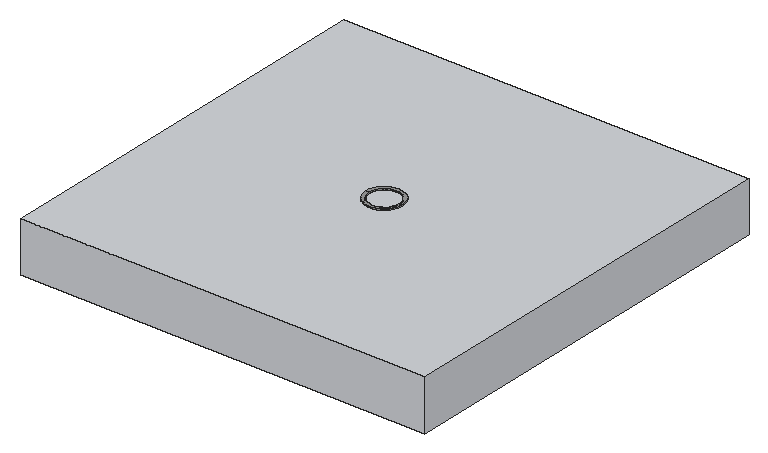
Revit family "LAMP_DOMO 220 G2", category Modelos genéricos, Revit 2015 (continued)
Definition of nested family "Cuerpo Domo220"
  Definition of nested family "LAMP_ARO IP54 OPAL 860612X"
    Parameters (values of type "WHITE")
      Manufacturer country = "Spain"
      Manufacturer URL = "http://www.lamp.es/en"
      Luminaire type = "Accessory"
      Last update = "14/05/2018"
      Installation instructions = ""
      Grosor aro = 3 mm
      Finish = "Matt white"
      Manufacturer = Manufacturer name  # "LAMP"
      Default Elevation = 1219.2 mm
      Diameter = 174 mm
      Description = "DOMO 220 ACC.TRANSP GLASS WH."
      Type Comments = Model explanation  # "Availability of switching between accessories through visibility parameters when placed in a project."
    Types (3, lengths in mm): name | Product datasheet | Product code | Model | Finish | Description
      (no name) | "http://www.lamp.es/product-files/TECH/8606140-EN.pdf" | "8606140" | "8606140" | "Matt white" | "DOMO 220 ACC.TRANSP GLASS WH."
      WHITE | "http://www.lamp.es/product-files/TECH/8606140-EN.pdf" | "8606140" | "8606140" | "Matt white" | "DOMO 220 ACC.TRANSP GLASS WH."
      GREY | "http://www.lamp.es/product-files/TECH/8606143-EN.pdf" | "8606143" | "8606143" | "Gloss grey" | "DOMO 220 ACC.TRANSP GLASS GR."
    Reference planes
      plane 1 "Centro (Frontal/Posterior)": y = 0
      plane 2: z = 0
      plane 3 "Centro (Izquierda/Derecha)": x = 0
      plane 4: z = 3
    Forms (mm)
      Extrusion 1, solid, material <- "Material Aro"
        sketch origin (0, 0, 0) x (1, 0, 0) y (0, 1, 0)
          loop
            circle (0, 0) r 113
          loop
            circle (0, 0) r 83.5
        from 0 to 3
      Extrusion 2, solid, material <- "Material Cristal"
        sketch origin (0, 0, 0) x (1, 0, 0) y (0, 1, 0)
          loop
            circle (0, 0) r 83.5
        from 1 to 3
    Text (mm)
      text "Any modification of the parameters and properties of the LAMP BIM models must be executed and validated by the LAMP technical department.\n\nPhone: +34 93 736 68 00\n\nE-mail: lamp@lamp.es\n\n\n\nLAMP reserves the right to modify the technical specifications of its products." at (189.655, 51.95, 129.596), in view "Preview"
    Dimensions and locks
      "Grosor aro": plane 4 to level
      aligned and locked: level to plane 2
      aligned and locked: plane 4 to Extrusion 1
      aligned and locked: Extrusion 1 to level
      aligned and locked: Extrusion 1 to plane 4
      aligned and locked: level to Extrusion 1
    Automatic sketch dimensions
      Extrusion 1 sketch curve to Extrusion 1 sketch curve = 0 mm  (x2)
      plane 1 "Centro (Frontal/Posterior)" to Extrusion 1 sketch curve = 0 mm
      Extrusion 1 sketch curve to plane 3 "Centro (Izquierda/Derecha)" = 0 mm
      plane 1 "Centro (Frontal/Posterior)" to Extrusion 2 sketch curve = 0 mm
      Extrusion 2 sketch curve to plane 3 "Centro (Izquierda/Derecha)" = 0 mm
      radius of Extrusion 1 sketch curve = 113 mm
      radius of Extrusion 1 sketch curve = 83.5 mm
      radius of Extrusion 2 sketch curve = 83.5 mm
  Definition of nested family "LAMP_DOMO ACC OPAL INT"
    Parameters (values of type "WHITE")
      Weight = 0.032 kg
      Protection rating = "IP20 / IK54"
      Product datasheet = "http://www.lamp.es/product-files/TECH/8606130-EN.pdf"
      Product code = "8606130"
      Model = Product code  # "8606130"
      Material interior = none
      Material exterior = none
      Manufacturer name = "LAMP"
      Manufacturer country = "Spain"
      Manufacturer URL = "http://www.lamp.es/en"
      Last update = "18/07/2018"
      Installation instructions = "http://www.lamp.es/product-files/INS/1002870-B-INSTR.%20ACCESORIOS%20DOMO.pdf"
      Manufacturer = Manufacturer name  # "LAMP"
      Default Elevation = 1219.2 mm
      Diameter = 126 mm
      Description = "DOMO 220 G2 ACC. INT OPAL DIFFUSER"
      Accessory Type = "Optic"
    Reference planes
      plane 1 "Centro (Frontal/Posterior)": y = 0
      plane 2: z = 0
      plane 3 "Centro (Izquierda/Derecha)": x = 0
    Forms (mm)
      Extrusion 1, solid, material <- "Material exterior"
        sketch origin (0, 0, 0) x (1, 0, 0) y (0, 1, 0)
          loop
            circle (0, 0) r 63
          loop
            circle (0, 0) r 54.5
        from 0 to 3
      Extrusion 2, solid, material <- "Material interior"
        sketch origin (0, 0, 0) x (1, 0, 0) y (0, 1, 0)
          loop
            circle (0, 0) r 54.5
        from 1 to 3
    Text (mm)
      text "Any modification of the parameters and properties of the LAMP BIM models must be executed and validated by the LAMP technical department.\n\nPhone: +34 93 736 68 00\n\nE-mail: lamp@lamp.es\n\n\n\nLAMP reserves the right to modify the technical specifications of its products." at (150.017, -59.647, 141.176), in view "Vista 1"
    Dimensions and locks
      aligned and locked: level to plane 2
Types (18, lengths in mm): name | Weight | Protection rating | Product datasheet | Product code | Power | Plum | Photometric web file | Modelo | LED Lifetime | Initial intensity | Initial color | Efficacy | Descripción
  2054LM 3000 | 1.51 kg | "IP20" | "http://www.lamp.es/product-files/TECH/DO2RD20SY830NW-EN.pdf" | "DO2RD20SY830NW" | 21 W | 23 W | Cuerpo Domo220 : 2054LM 3000 | "DO2RD20SY830NW" | "50.000 L90 B10" | 2054 lm | 3000 K | 89.3 lm/W | "DOMO 220 G2 2000 WW"
  2136LM 4000 | 1.51 kg | "IP20" | "http://www.lamp.es/product-files/TECH/DO2RD20SY840NW-EN.pdf" | "DO2RD20SY840NW" | 21 W | 23 W | Cuerpo Domo220 : 2136LM 4000 | "DO2RD20SY840NW" | "50.000 L90 B10" | 2136 lm | 4000 K | 92.8 lm/W | "DOMO 220 G2 2000 NW"
  2825LM 3000 | 1.51 kg | "IP20" | "http://www.lamp.es/product-files/TECH/DO2RD30SY830NW-EN.pdf" | "DO2RD30SY830NW" | 29 W | 32 W | Cuerpo Domo220 : 2825LM 3000 | "DO2RD30SY830NW" | "50.000 L90 B10" | 2825 lm | 3000 K | 88.3 lm/W | "DOMO 220 G2 3000 WWI"
  2938LM 4000 | 1.51 kg | "IP20" | "http://www.lamp.es/product-files/TECH/DO2RD30SY840NW-EN.pdf" | "DO2RD30SY840NW" | 29 W | 32 W | Cuerpo Domo220 : 2938LM 4000 | "DO2RD30SY840NW" | "50.000 L90 B10" | 2938 lm | 4000 K | 91.8 lm/W | "DOMO 220 G2 3000 NW"
  3665LM 3000 | 1.508 kg | "IP20" | "http://www.lamp.es/product-files/TECH/DO2RD40SY830NW-EN.pdf" | "DO2RD40SY830NW" | 37 W | 40.5 W | Cuerpo Domo220 : 3665LM 3000 | "DO2RD40SY830NW" | "50.000 L80 B10" | 3665 lm | 3000 K | 90.5 lm/W | "DOMO 220 G2 4000 WW"
  3812LM 4000 | 1.508 kg | "IP20" | "http://www.lamp.es/product-files/TECH/DO2RD40SY840NW-EN.pdf" | "DO2RD40SY840NW" | 37 W | 40.5 W | Cuerpo Domo220 : 3812LM 4000 | "DO2RD40SY840NW" | "50.000 L80 B10" | 3812 lm | 4000 K | 94.1 lm/W | "DOMO 220 G2 4000 NW"
  1597LM 3000 OPAL GLASS ACC | 1.51 kg | "IP54" | "http://www.lamp.es/product-files/TECH/DO2RD20SY830NW + DIOPRD240W-EN.pdf" | "DO2RD20SY830NW + DIOPRD240W" | 21 W | 23 W | Cuerpo Domo220 : 1597LM 3000 OPAL GLASS ACC | "DO2RD20SY830NW + DIOPRD240W" | "50.000 L90 B10" | 1597 lm | 3000 K | 69.4 lm/W | "DOMO 220 G2 2000 WW + DOMO 220 ACC. OPAL GLASS WH."
  1484LM 3000 INT OPAL GLASS ACC | 1.51 kg | "IP54" | "http://www.lamp.es/product-files/TECH/DO2RD20SY830NW + DITRRD240W-EN.pdf" | "DO2RD20SY830NW + DITRRD240W" | 21 W | 23 W | Cuerpo Domo220 : 1484LM 3000 INT OPAL GLASS ACC | "DO2RD20SY830NW + DITRRD240W" | "50.000 L90 B10" | 1815 lm | 3000 K | 78.9 lm/W | "DOMO 220 G2 2000 WW + DOMO 220 ACC.TRANSP GLASS WH."
  1815LM 3000 GLASS ACC | 1.51 kg | "IP54" | "http://www.lamp.es/product-files/TECH/DO2RD20SY840NW + DIOPRD240W-EN.pdf" | "DO2RD20SY840NW + DIOPRD240W" | 21 W | 23 W | Cuerpo Domo220 : 1815LM 3000 GLASS ACC | "DO2RD20SY840NW + DIOPRD240W" | "50.000 L90 B10" | 1661 lm | 4000 K | 72.2 lm/W | "DOMO 220 G2 2000 NW + DOMO 220 ACC. OPAL GLASS WH."
  1661LM 4000 OPAL GLASS ACC | 1.51 kg | "IP54" | "http://www.lamp.es/product-files/TECH/DO2RD20SY840NW + DITRRD240W-EN.pdf" | "DO2RD20SY840NW + DITRRD240W" | 21 W | 23 W | Cuerpo Domo220 : 1661LM 4000 OPAL GLASS ACC | "DO2RD20SY840NW + DITRRD240W" | "50.000 L80 B10" | 1888 lm | 4000 K | 82.1 lm/W | "DOMO 220 G2 2000 NW + DOMO 220 ACC.TRANSP GLASS WH."
  1544LM 4000 INT OPAL GLASS ACC | 1.51 kg | "IP54" | "http://www.lamp.es/product-files/TECH/DO2RD30SY830NW + DIOPRD240W-EN.pdf" | "DO2RD30SY830NW + DIOPRD240W" | 29 W | 32 W | Cuerpo Domo220 : 1544LM 4000 INT OPAL GLASS ACC | "DO2RD30SY830NW + DIOPRD240W" | "50.000 L90 B10" | 2196 lm | 3000 K | 66.5 lm/W | "DOMO 220 G2 3000 WW + DOMO 220 ACC. OPAL GLASS WH."
  1888LM 4000 GLASS ACC | 1.51 kg | "IP54" | "http://www.lamp.es/product-files/TECH/DO2RD30SY830NW + DITRRD240W-EN.pdf" | "DO2RD30SY830NW + DITRRD240W" | 29 W | 32 W | Cuerpo Domo220 : 1888LM 4000 GLASS ACC | "DO2RD30SY830NW + DITRRD240W" | "50.000 L90 B10" | 2497 lm | 3000 K | 75.7 lm/W | "DOMO 220 G2 3000 WW + DOMO 220 ACC.TRANSP GLASS WH."
  2196LM 3000 OPAL GLASS ACC | 1.51 kg | "IP54" | "http://www.lamp.es/product-files/TECH/DO2RD30SY840NW + DIOPRD240W-EN.pdf" | "DO2RD30SY840NW + DIOPRD240W" | 29 W | 32 W | Cuerpo Domo220 : 2196LM 3000 OPAL GLASS ACC | "DO2RD30SY840NW + DIOPRD240W" | "50.000 L90 B10" | 2284 lm | 4000 K | 69.2 lm/W | "DOMO 220 G2 3000 NW + DOMO 220 ACC. OPAL GLASS WH."
  2042LM 3000 INT OPAL GLASS ACC | 1.51 kg | "IP54" | "http://www.lamp.es/product-files/TECH/DO2RD30SY840NW + DITRRD240W-EN.pdf" | "DO2RD30SY840NW + DITRRD240W" | 29 W | 32 W | Cuerpo Domo220 : 2042LM 3000 INT OPAL GLASS ACC | "DO2RD30SY840NW + DITRRD240W" | "50.000 L80 B10" | 2597 lm | 4000 K | 78.7 lm/W | "DOMO 220 G2 3000 NW + DOMO 220 ACC.TRANSP GLASS WH."
  2497LM 3000 GLASS ACC | 1.508 kg | "IP54" | "http://www.lamp.es/product-files/TECH/DO2RD40SY830NW + DIOPRD240W-EN.pdf" | "DO2RD40SY830NW + DIOPRD240W" | 37 W | 40.5 W | Cuerpo Domo220 : 2497LM 3000 GLASS ACC | "DO2RD40SY830NW + DIOPRD240W" | "50.000 L90 B10" | 2849 lm | 3000 K | 67.8 lm/W | "DOMO 220 G2 4000 WW + DOMO 220 ACC. OPAL GLASS WH."
  2284LM 4000 OPAL GLASS ACC | 1.508 kg | "IP54" | "http://www.lamp.es/product-files/TECH/DO2RD40SY830NW + DITRRD240W-EN.pdf" | "DO2RD40SY830NW + DITRRD240W" | 37 W | 40.5 W | Cuerpo Domo220 : 2284LM 4000 OPAL GLASS ACC | "DO2RD40SY830NW + DITRRD240W" | "50.000 L90 B10" | 3239 lm | 3000 K | 77.1 lm/W | "DOMO 220 G2 4000 WW + DOMO 220 ACC.TRANSP GLASS WH."
  2123LM 4000 INT OPAL GLASS ACC | 1.508 kg | "IP54" | "http://www.lamp.es/product-files/TECH/DO2RD40SY840NW + DIOPRD240W-EN.pdf" | "DO2RD40SY840NW + DIOPRD240W" | 37 W | 40.5 W | Cuerpo Domo220 : 2123LM 4000 INT OPAL GLASS ACC | "DO2RD40SY840NW + DIOPRD240W" | "50.000 L90 B10" | 2963 lm | 4000 K | 70.5 lm/W | "DOMO 220 G2 4000 NW + DOMO 220 ACC. OPAL GLASS WH."
  2597LM 4000 GLASS ACC | 1.508 kg | "IP54" | "http://www.lamp.es/product-files/TECH/DO2RD40SY840NW + DITRRD240W-EN.pdf" | "DO2RD40SY840NW + DITRRD240W" | 37 W | 40.5 W | Cuerpo Domo220 : 2597LM 4000 GLASS ACC | "DO2RD40SY840NW + DITRRD240W" | "50.000 L80 B10" | 3369 lm | 4000 K | 80.2 lm/W | "DOMO 220 G2 4000 NW + DOMO 220 ACC.TRANSP GLASS WH."
